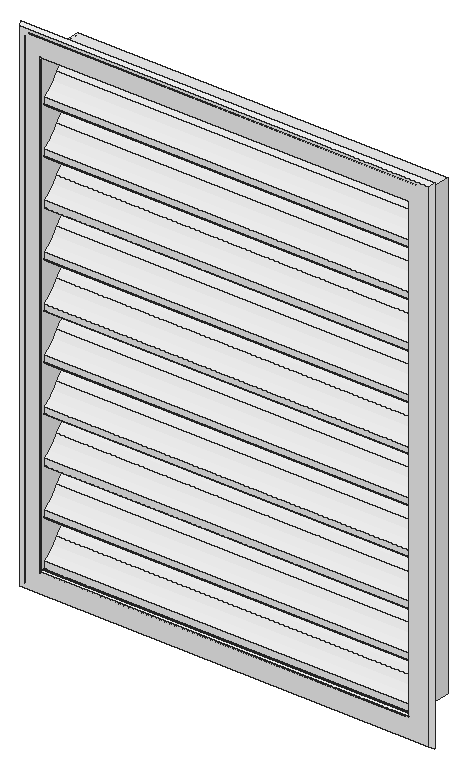
Revit family
Parameters (values of type "OHL-F-45")
  URL = "http://www.productspec.net/products/18503/holyoake-industries-ltd/small-blade-outside-horizontal-louvers-ohl-45.aspx"
  Type Comments = "45mm Horizontal Curved Profile Louvers in Flanged Surround"
  Technical Data = "http://www.collate.co.nz/nas/TechnicalFiles/2367/p18502/F6-F7%20OHL45%2034.pdf"
  Ownership = "Holyoake Industries Limited"
  Overall Opening = Exact Neck Height - 2.60 mm  # 497.40 mm
  Louver Depth = 51.70 mm
  Nominal Width = 406.00 mm
  Nominal Height = 506.00 mm
  Model = "OHL-F-45"
  Manufacturer = "Holyoake Industries Limited"
  Keynote = ""
  Flange Width = 25.40 mm
  Flange Thickness = 4.70 mm
  Exact Overall Flange Height = Nominal Height + 42.20 mm  # 548.20 mm
  Exact Overall Flange Width = Nominal Width + 42.20 mm  # 448.20 mm
  Exact Neck Width = Nominal Width - 6.00 mm  # 400.00 mm
  Exact Neck Height = Nominal Height - 6.00 mm  # 500.00 mm
  Description = "Holyoake Outside Horizontal Louver"
  Created By = "Productspec Limited"
  Frame & Blades = Aluminium
  Top Blade Height = Overall Opening - Blade Cut Setout  # 47.40 mm
  Blade Width = 44.80 mm
  Blade Pitch = 50.00 mm
  Blade Offset = (Louver Depth - Blade Width) / 2  # 3.45 mm
  Blade Length = Exact Neck Width - 2.60 mm  # 397.40 mm
  Blade Height = 61.60 mm
  Blade Cut Setout = Blade Count * Blade Pitch  # 450.00 mm
  Blade Count = Blade Array Count - 1  # 9
  Blade Array Count = Overall Opening / Blade Pitch  # 9.948
  Author = "Zinder Zhao"
  Assembly Code = ""
  Accessories = "Aluminium Bird mesh or insect mesh (fibreglass)"
Reference planes
  plane 1 "Center (Front/Back)": y = 0
  plane 2: z = 1.3
  plane 3 "Center (Left/Right)": x = -3
  plane 4: x = -201.7
  plane 5: x = 195.7
  plane 6 "Overall Opening": z = 498.7
  plane 7: y = 51.7
  plane 8: z = 51.3
  plane 9: y = 3.45
  plane 10: y = 4.7
  plane 11: x = -203
  plane 12: x = 197
  plane 13: x = -227.1
  plane 14: x = 221.1
  plane 15: x = 200
  plane 16: x = -206
  plane 17: z = -24.1
  plane 18: z = 524.1
  plane 19: z = 500
  plane 20: z = -3
  plane 21: z = 503
  plane 22: z = 62.9
  plane 23 "Cut Blade Setout": z = 451.3
  plane 24: y = 48.25
  plane 25: z = 250
  plane 26: z = 0
Forms (mm)
  Sweep 1, solid, material "Aluminium" <- "Frame & Blades", detail levels fine
    path origin (0, 0, 0) x (1, 0, 0) y (0, 0, 1)
      loop
        line (195.7, 1.3) -> (195.7, 498.7) -> (-201.7, 498.7) -> (-201.7, 1.3) -> (195.7, 1.3)
    profile "Holyoake_OutsideLouvre_OHL-45_Flange_profile : OHL-45 Flange Profile" origin (195.7, 0, 250) x (-1, 0, 0) y (0, -1, 0)
      loop
        line (-25.4, -4.7) -> (-21.359, -4.7) -> (-19.1, -1.6) -> (-19.1, -4.7) -> (-16.95, -4.7)
        arc (-16.95, -4.7) -> (-16.3, -4.05) -> (-16.95, -3.4) r 0.65
        line (-16.95, -3.4) -> (-17.9, -3.4) -> (-17.9, -1.6) -> (-3.5, -1.6) -> (-3.5, -3.4) -> (-4.45, -3.4)
        arc (-4.45, -3.4) -> (-5.1, -4.05) -> (-4.45, -4.7) r 0.65
        line (-4.45, -4.7) -> (-3.09, -4.7) -> (-1.3, -1.6) -> (-1.3, -51.7) -> (5.7, -51.7) -> (5.7, -50.1) -> (0, -50.1) -> (0, -1.739) -> (-1.004, 0) -> (-22.686, 0) -> (-25.4, -4.7)
  Extrusion 2, solid, material "Aluminium" <- "Frame & Blades", detail levels coarse+medium
    sketch origin (0, 0, 0) x (1, 0, 0) y (0, 1, 0)
      loop
        line (-203, 51.7) -> (-203, 0) -> (197, 0) -> (197, 51.7) -> (-203, 51.7)
    from 0 to 500
Dimensions and locks
  equal spacing: plane 11, plane 3 "Center (Left/Right)", plane 12
  "Exact Neck Width": plane 11 to plane 12
  "Nominal Width": plane 16 to plane 15
  "Exact Overall Flange Width": plane 13 to plane 14
  "Louver Depth": plane 1 "Center (Front/Back)" to plane 7
  "Flange Thickness": plane 1 "Center (Front/Back)" to plane 10
  "Blade Offset": plane 9 to plane 1 "Center (Front/Back)"
  locked: plane 11 to plane 4 at 1.3
  locked: plane 16 to plane 11 at 3
  "Blade Length": plane 4 to plane 5
  "Overall Opening": plane 6 "Overall Opening" to plane 2
  locked: plane 19 to plane 6 "Overall Opening" at 1.3
  locked: plane 21 to plane 19 at 3
  equal spacing: group 1, group 2, group 3, group 4, group 5, group 6, group 7, group 8, group 9  (x3)
  "Flange Width": plane 13 to plane 4
  "Blade Cut Setout": plane 23 "Cut Blade Setout" to plane 2
  "Blade Height": plane 22 to plane 2
  "Blade Width": plane 24 to plane 9
  "Blade Pitch": plane 8 to plane 2
  equal spacing: plane 19, plane 25, plane 26
  "Exact Neck Height": plane 19 to plane 26
  "Nominal Height": plane 21 to plane 20
  "Exact Overall Flange Height": plane 18 to plane 17
  "Flange Width": plane 18 to plane 6 "Overall Opening"
  aligned and locked: Sweep 1 sketch curve to plane 4
  aligned and locked: plane 5 to Sweep 1 sketch curve
  aligned and locked: Sweep 1 to plane 5  (x2)
  aligned and locked: plane 4 to Sweep 1  (x2)
  aligned and locked: Sweep 1 to plane 6 "Overall Opening"
  aligned and locked: plane 2 to Sweep 1
  aligned and locked: plane 3 "Center (Left/Right)" to nested 1
  aligned and locked: plane 3 "Center (Left/Right)" to nested 6
  aligned and locked: plane 7 to Sweep 1
  aligned and locked: plane 24 to nested 5
  aligned and locked: nested 1 to plane 24
  aligned and locked: nested 1 to nested 1
  aligned and locked: nested 2 to nested 2
  aligned and locked: nested 3 to nested 3
  aligned and locked: nested 4 to nested 4
  aligned and locked: nested 5 to nested 5
  aligned and locked: nested 6 to plane 23 "Cut Blade Setout"  (x2)
  aligned and locked: nested 5 to nested 6
  aligned and locked: nested 6 to plane 6 "Overall Opening"
  aligned and locked: nested 6 to nested 6
  aligned and locked: plane 22 to nested 1
  aligned and locked: nested 2 to plane 8
  aligned and locked: plane 19 to Sweep 1
  aligned and locked: plane 6 "Overall Opening" to Sweep 1 sketch curve
  aligned and locked: nested 7 to nested 7
  aligned and locked: nested 5 to plane 24
  aligned and locked: nested 4 to plane 24
  aligned and locked: nested 3 to plane 24
  aligned and locked: nested 2 to plane 24
  aligned and locked: nested 8 to nested 8
  aligned and locked: nested 9 to nested 9
  aligned and locked: nested 10 to nested 10
  aligned and locked: Extrusion 2 sketch curve to Sweep 1  (x2)
  aligned and locked: plane 1 "Center (Front/Back)" to Extrusion 2 sketch curve
  aligned and locked: Extrusion 2 sketch curve to plane 12
  aligned and locked: Extrusion 2 to plane 26
  aligned and locked: plane 19 to Extrusion 2
Automatic sketch dimensions
  Sweep 1 sketch curve to plane 2 = 0.00 mm
Nested families
  nested 1: "Holyoake_OutsideLouvre_OHL-45_Blade" at (-3, 3.45, 1.3), type "OHL-45 Blade"
  nested 2: "Holyoake_OutsideLouvre_OHL-45_Blade" at (-3, 3.45, 51.3), type "OHL-45 Blade"
  nested 3: "Holyoake_OutsideLouvre_OHL-45_Blade" at (-3, 3.45, 101.3), type "OHL-45 Blade"
  nested 4: "Holyoake_OutsideLouvre_OHL-45_Blade" at (-3, 3.45, 151.3), type "OHL-45 Blade"
  nested 5: "Holyoake_OutsideLouvre_OHL-45_Blade" at (-3, 3.45, 201.3), type "OHL-45 Blade"
  nested 6: "Holyoake_OutsideLouvre_OHL-45_BladeCutted" at (-3, 3.45, 451.3), type "OHL-45 BladeCutted"
  nested 7: "Holyoake_OutsideLouvre_OHL-45_Blade" at (-3, 3.45, 251.3), type "OHL-45 Blade"
  nested 8: "Holyoake_OutsideLouvre_OHL-45_Blade" at (-3, 3.45, 301.3), type "OHL-45 Blade"
  nested 9: "Holyoake_OutsideLouvre_OHL-45_Blade" at (-3, 3.45, 351.3), type "OHL-45 Blade"
  nested 10: "Holyoake_OutsideLouvre_OHL-45_Blade" at (-3, 3.45, 401.3), type "OHL-45 Blade"
Connectors
  hvac at (-3, 51.7, 250), driven by "Exact Neck Height", driven by "Exact Neck Width"
    settings: on Sweep 1, index 1
Definition of nested family "Holyoake_OutsideLouvre_OHL-45_Blade"
  Parameters (values of type "Holyoake_OutsideLouvre_OHL-34_Blade")
    URL = "http://www.holyoake.co.nz/407.0.html"
    Type Comments = "Outside Louvre Blade"
    Ownership = "Holyoake lndustries Limited"
    Model = "OHL-34 Blade"
    Manufacturer = "Holyoake lndustries Limited"
    Created by = "Productspec Limited"
    Length = 500.00 mm
    Blade = Paint - Grey
    Width = 44.80 mm
    Height = 61.60 mm
    Author = "Zinder Zhao"
    Assembly Code = ""
  Types (2, lengths in mm): name | Model | Length | Blade
    Holyoake_OutsideLouvre_OHL-34_Blade | "OHL-34 Blade" | 500.00 | Paint - Grey
    OHL-45 Blade | "OHL-45 Blade" | 397.40 | Aluminium
  Reference planes
    plane 1 "Center (Front/Back)": y = 0
    plane 2: z = 0
    plane 3 "Center (Left/Right)": x = 0
    plane 4: z = 61.6
    plane 5: x = 250
    plane 6: x = -250
    plane 7: y = 44.8
  Forms (mm)
    Sweep 1, solid, material "Paint - Grey" <- "Blade", detail levels fine
      path origin (0, 0, 0) x (1, 0, 0) y (0, 1, 0)
        loop
          line (-250, 0) -> (250, 0)
      profile "Holyoake_OutsideLouvre_OHL-45_Blade_profile : OHL- 45 Blade Profile" origin (0, 0, 0) x (0, 1, 0) y (0, 0, 1)
        loop
          line (0, 0.917) -> (0.917, 0) -> (2.756, 0) -> (1.3, 1.456) -> (1.3, 7.215)
          arc (1.3, 7.215) -> (10.573, 15.076) -> (17.749, 24.889) r 51.6
          arc (17.749, 24.889) -> (26.632, 34.09) -> (38.24, 39.461) r 34.8
          arc (38.24, 39.461) -> (40.016, 43.169) -> (36.8, 45.73) r 3.3
          arc (36.8, 45.73) -> (35.071, 46.725) -> (35.062, 48.719) r 2
          arc (35.062, 48.719) -> (39.684, 52.028) -> (44.8, 54.507) r 33.5
          line (44.8, 54.507) -> (44.8, 60.68) -> (43.88, 61.6) -> (42.042, 61.6) -> (43.5, 60.142) -> (43.5, 55.388)
          arc (43.5, 55.388) -> (38.55, 52.861) -> (34.066, 49.577) r 34.8
          arc (34.066, 49.577) -> (33.886, 46.182) -> (36.8, 44.43) r 3.3
          arc (36.8, 44.43) -> (38.736, 42.934) -> (37.775, 40.684) r 2
          arc (37.775, 40.684) -> (25.799, 35.093) -> (16.638, 25.566) r 36.1
          arc (16.638, 25.566) -> (9.399, 15.725) -> (0, 7.919) r 50.3
          line (0, 7.919) -> (0, 0.917)
  Dimensions and locks
    "Length": plane 6 to plane 5
    equal spacing: plane 6, plane 3 "Center (Left/Right)", plane 5
    "Height": plane 4 to plane 2
    "Width": plane 7 to plane 1 "Center (Front/Back)"
    aligned and locked: plane 1 "Center (Front/Back)" to Sweep 1 sketch curve
    aligned and locked: level to plane 2
    aligned and locked: Sweep 1 to plane 7
    aligned and locked: plane 1 "Center (Front/Back)" to Sweep 1
    aligned and locked: plane 4 to Sweep 1
    aligned and locked: Sweep 1 to plane 2
  Automatic sketch dimensions
    Sweep 1 sketch curve to plane 6 = 0.00 mm
    Sweep 1 sketch curve to plane 5 = 0.00 mm
Definition of nested family "Holyoake_OutsideLouvre_OHL-45_BladeCutted"
  Parameters (values of type "OHL-45 BladeCutted")
    URL = "http://www.holyoake.co.nz/407.0.html"
    Type Comments = "Outside Louvre Blade"
    Ownership = "Holyoake lndustries Limited"
    Model = "OHL-45 Blade"
    Manufacturer = "Holyoake lndustries Limited"
    Created by = "Productspec Limited"
    Length = 397.40 mm
    Blade Cut Setout = 47.40 mm
    Blade = Aluminium
    Width = 44.80 mm
    Height = 61.60 mm
    Author = "Zinder Zhao"
    Assembly Code = ""
  Reference planes
    plane 1 "Center (Front/Back)": y = 0
    plane 2: z = 0
    plane 3 "Center (Left/Right)": x = 0
    plane 4: z = 61.6
    plane 5: x = 198.7
    plane 6: x = -198.7
    plane 7: y = 44.8
    plane 8: z = 47.4
  Forms (mm)
    Sweep 1, solid, material "Aluminium" <- "Blade", detail levels fine
      path origin (0, 0, 0) x (1, 0, 0) y (0, 1, 0)
        loop
          line (-198.7, 0) -> (198.7, 0)
      profile "Holyoake_OutsideLouvre_OHL-45_Blade_profile : OHL- 45 Blade Profile" origin (0, 0, 0) x (0, 1, 0) y (0, 0, 1)
        loop
          line (0, 0.917) -> (0.917, 0) -> (2.756, 0) -> (1.3, 1.456) -> (1.3, 7.215)
          arc (1.3, 7.215) -> (10.573, 15.076) -> (17.749, 24.889) r 51.6
          arc (17.749, 24.889) -> (26.632, 34.09) -> (38.24, 39.461) r 34.8
          arc (38.24, 39.461) -> (40.016, 43.169) -> (36.8, 45.73) r 3.3
          arc (36.8, 45.73) -> (35.071, 46.725) -> (35.062, 48.719) r 2
          arc (35.062, 48.719) -> (39.684, 52.028) -> (44.8, 54.507) r 33.5
          line (44.8, 54.507) -> (44.8, 60.68) -> (43.88, 61.6) -> (42.042, 61.6) -> (43.5, 60.142) -> (43.5, 55.388)
          arc (43.5, 55.388) -> (38.55, 52.861) -> (34.066, 49.577) r 34.8
          arc (34.066, 49.577) -> (33.886, 46.182) -> (36.8, 44.43) r 3.3
          arc (36.8, 44.43) -> (38.736, 42.934) -> (37.775, 40.684) r 2
          arc (37.775, 40.684) -> (25.799, 35.093) -> (16.638, 25.566) r 36.1
          arc (16.638, 25.566) -> (9.399, 15.725) -> (0, 7.919) r 50.3
          line (0, 7.919) -> (0, 0.917)
    Extrusion 2, void
      sketch origin (0, 0, 0) x (1, 0, 0) y (0, 1, 0)
        loop
          line (-198.7, 44.8) -> (-198.7, 0) -> (198.7, 0) -> (198.7, 44.8) -> (-198.7, 44.8)
      from 47.4 to 85.613
  Cuts and joins
    Extrusion 2 cuts Sweep 1
  Dimensions and locks
    "Length": plane 6 to plane 5
    equal spacing: plane 6, plane 3 "Center (Left/Right)", plane 5
    "Height": plane 4 to plane 2
    "Width": plane 7 to plane 1 "Center (Front/Back)"
    "Blade Cut Setout": plane 8 to plane 2
    aligned and locked: plane 1 "Center (Front/Back)" to Sweep 1 sketch curve
    aligned and locked: level to plane 2
    aligned and locked: Sweep 1 to plane 7
    aligned and locked: plane 1 "Center (Front/Back)" to Sweep 1
    aligned and locked: plane 4 to Sweep 1
    aligned and locked: Sweep 1 to plane 2
    aligned and locked: Sweep 1 to Extrusion 2 sketch curve
    aligned and locked: Extrusion 2 sketch curve to Sweep 1  (x2)
    aligned and locked: Extrusion 2 sketch curve to plane 1 "Center (Front/Back)"
    aligned and locked: cut or joined group of Sweep 1, Extrusion 2 to plane 8
  Automatic sketch dimensions
    Sweep 1 sketch curve to plane 6 = 0.00 mm
    Sweep 1 sketch curve to plane 5 = 0.00 mm
